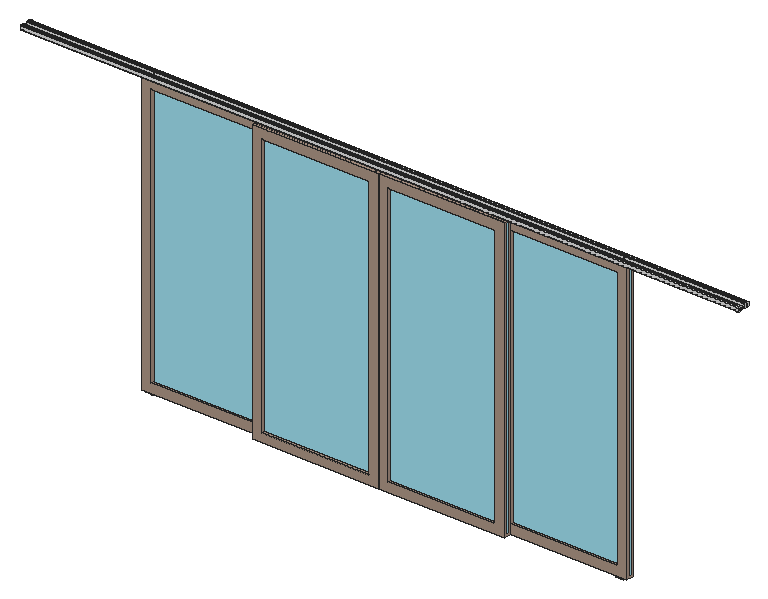
Revit family "Slido 4S Panel Slide SWW4S XRDLP", category Doors, host Wall, Revit 2016
Family settings
  Host = Wall
  Always vertical = Yes
  Cut with Voids When Loaded = No
  Shared = No
  Room Calculation Point = No
Parameters (values of type "157"x 94 3/8"")
  URL = "www.raydoor.com"
  Type Image = SWW4.jpg
  Trim GC [instance] = no
  Thickness = 2 1/4"  # constant formula
  Rough Width = 1"  # constant formula
  Rough Height = 1/2"  # constant formula
  Model = "SWW4S"
  Function = Interior
  Door Material = Door - Panel
  Panel Material = Glass, Cast, Gray
  Height = 94 3/8"
  Trim Projection Ext = 63/64"  # constant formula
  Typ = 3"  # constant formula
  Wall Closure = By host
  Width = 157"
  Assembly Code = "SWW4S XRDLP"
Reference planes (in)
  plane 1: y = 0
  plane 2: z = 0
  plane 3: x = 5.00001
  plane 4: x = -73.49999
  plane 5: x = 83.50001
  plane 6: z = 94.375
  plane 7: y = -5.50858
  plane 8: z = 93.1875
  plane 9: x = 81.00001
  plane 10: x = 82.50001
  plane 11: x = 2.00001
  plane 12: x = 3.50001
  plane 13: x = -35.99999
  plane 14: x = -34.49999
  plane 15: x = -32.99999
  plane 16: x = -72.49999
  plane 17: y = -3.26022
  plane 18: x = -73.99999
  plane 19: x = -70.99999
  plane 20: x = -110.49999
  plane 21: x = -111.99999
  plane 22: x = -108.99999
  plane 23: y = -5.75858
  plane 24: y = -8.00858
  plane 25: x = 44.50001
  plane 26: x = 43.00001
  plane 27: x = 46.00001
  plane 28: x = 84.00001
  plane 29: x = 8.00001
  plane 30: x = 6.50001
  plane 31: x = 119.00001
  plane 32: x = 120.50001
  plane 33: x = 122.00001
  plane 34: z = 92.375
Forms (in)
  Extrusion 1, solid, material "Door - Panel" <- "Door Material"
    sketch origin (-140.00001, -2.99773, 0.25) x (1, 0, 0) y (0, 0, 1)
      loop
        line (66.00002, 92.125) -> (66.00002, 0.39528) -> (107.00002, 0.39528) -> (107.00002, 92.125) -> (66.00002, 92.125)
      loop
        line (69.00002, 89.125) -> (69.00002, 3.39528) -> (104.00002, 3.39528) -> (104.00002, 89.125) -> (69.00002, 89.125)
    from 0.26249 to 2.51085
  Extrusion 2, solid, material "Glass, Cast, Gray" <- "Panel Material"
    sketch origin (-140.00001, -15.26431, 0.25) x (1, 0, 0) y (0, 0, 1)
      loop
        line (66.00002, 92.125) -> (66.00002, 1.27028) -> (107.00002, 1.27028) -> (107.00002, 92.125) -> (66.00002, 92.125)
    from -11.0041 to -10.75574
  Extrusion 3, solid, material "UHMW, White", detail levels medium+fine
    sketch origin (53.77771, -4.9971, 0.25) x (0, 1, 0) y (0, 0, 1)
      loop
        line (1.26596, -0.25) -> (1.26596, -0.0625) -> (0.73689, -0.0625) -> (0.73689, 0.75) -> (0.48853, 0.75) -> (0.48853, -0.0625) -> (-0.01147, -0.0625) -> (-0.01147, -0.25) -> (1.26596, -0.25)
      loop
        line (0.09481, 93.90625) -> (0.09481, 93.10447) -> (1.14169, 93.10447) -> (1.14169, 93.90625) -> (0.09481, 93.90625)
    from -126.77769 to -124.27769
  Extrusion 4, solid, material "Door - Panel" <- "Door Material", visible <- "Trim GC"
    sketch origin (-72.24213, 1.64699, -17.28113) x (1, 0, 0) y (0, 0, 1)
      loop
        line (-39.75786, 108.40613) -> (194.24214, 108.40613) -> (194.24214, 111.65613) -> (-39.75786, 111.65613) -> (-39.75786, 108.40613)
    from 9.64082 to 10.15393
  Extrusion 5, solid, material "UHMW, White"
    sketch origin (0, 37.0452, -9.0893) x (0, 1, 0) y (0, 0, 1)
      loop
        line (-41.23779, 103.37055) -> (-41.23779, 103.28596) -> (-41.17851, 103.28596) -> (-41.17851, 103.37055) -> (-41.00463, 103.37055) -> (-41.00463, 103.24091) -> (-40.87027, 103.22916) -> (-40.87027, 102.36784) -> (-40.90189, 102.24985) -> (-41.11923, 102.23084) -> (-41.11923, 102.15084) -> (-40.92132, 102.15084)
        arc (-40.92132, 102.15084) -> (-40.87943, 102.17182) -> (-40.83754, 102.15084) r 0.0523
        arc (-40.83754, 102.15084) -> (-40.81039, 102.16209) -> (-40.79914, 102.18925) r 0.0384
        line (-40.79914, 102.18925) -> (-40.79914, 103.34523) -> (-40.83866, 103.34523)
        arc (-40.83866, 103.34523) -> (-40.90386, 103.30759) -> (-40.90386, 103.38288) r 0.04347
        line (-40.90386, 103.38288) -> (-40.90386, 103.4643) -> (-41.92737, 103.4643) -> (-41.92737, 103.38288)
        arc (-41.92737, 103.38288) -> (-41.92737, 103.30759) -> (-41.99257, 103.34523) r 0.04347
        line (-41.99257, 103.34523) -> (-42.03209, 103.34523) -> (-42.03209, 102.18925)
        arc (-42.03209, 102.18925) -> (-42.02084, 102.16209) -> (-41.99369, 102.15084) r 0.0384
        arc (-41.99369, 102.15084) -> (-41.9518, 102.17182) -> (-41.90991, 102.15084) r 0.0523
        line (-41.90991, 102.15084) -> (-41.712, 102.15084) -> (-41.712, 102.23084) -> (-41.92934, 102.24985) -> (-41.96096, 102.36784) -> (-41.96096, 103.22916) -> (-41.8266, 103.24091) -> (-41.8266, 103.37055) -> (-41.65272, 103.37055) -> (-41.65272, 103.28596) -> (-41.59344, 103.28596) -> (-41.59344, 103.37055) -> (-41.23779, 103.37055)
    from -111.99999 to 122.00001
  Extrusion 6, void
    sketch origin (-140.00001, -15.26431, -90.75) x (1, 0, 0) y (0, 0, 1)
      loop
        line (107.00002, 92.27028) -> (66.00002, 92.27028) -> (66.00002, 91.39528) -> (107.00002, 91.39528) -> (107.00002, 92.27028)
    from -11.0041 to -10.75574
  Extrusion 7, solid, material "UHMW, White"
    sketch origin (-41.44048, -3.85866, 94.375) x (0, -1, 0) y (1, 0, 0)
      loop
        circle (0.52574, 6.94049) r 0.125
    from -2 to -0.09375
  Extrusion 8, solid, material "Door - Panel" <- "Door Material"
    sketch origin (-99, -5.24836, 0.25) x (1, 0, 0) y (0, 0, 1)
      loop
        line (63.00001, 92.125) -> (63.00001, 0.39528) -> (104.00002, 0.39528) -> (104.00002, 92.125) -> (63.00001, 92.125)
      loop
        line (66.00001, 89.125) -> (66.00001, 3.39528) -> (101.00002, 3.39528) -> (101.00002, 89.125) -> (66.00001, 89.125)
    from 0.51022 to 2.75858
  Extrusion 9, solid, material "Glass, Cast, Gray" <- "Panel Material"
    sketch origin (-99, -17.76267, 0.25) x (1, 0, 0) y (0, 0, 1)
      loop
        line (63.00001, 92.125) -> (63.00001, 1.27028) -> (104.00002, 1.27028) -> (104.00002, 92.125) -> (63.00001, 92.125)
    from -11.0041 to -10.75574
  Extrusion 10, void
    sketch origin (-181.00001, -17.51267, -90.75) x (1, 0, 0) y (0, 0, 1)
      loop
        line (145.00002, 92.27028) -> (145.00002, 91.39528) -> (186.00002, 91.39528) -> (186.00002, 92.27028) -> (145.00002, 92.27028)
    from -10.7541 to -10.50574
  Extrusion 11, solid, material "UHMW, White"
    sketch origin (0, 35.04004, -9.0893) x (0, 1, 0) y (0, 0, 1)
      loop
        line (-41.75114, 103.37055) -> (-41.75114, 103.28596) -> (-41.69187, 103.28596) -> (-41.69187, 103.37055) -> (-41.51799, 103.37055) -> (-41.51799, 103.24091) -> (-41.38363, 103.22916) -> (-41.38363, 102.36784) -> (-41.41525, 102.24985) -> (-41.63259, 102.23084) -> (-41.63259, 102.15084) -> (-41.43468, 102.15084)
        arc (-41.43468, 102.15084) -> (-41.39279, 102.17182) -> (-41.3509, 102.15084) r 0.0523
        arc (-41.3509, 102.15084) -> (-41.32375, 102.16209) -> (-41.3125, 102.18925) r 0.0384
        line (-41.3125, 102.18925) -> (-41.3125, 103.34523) -> (-41.35202, 103.34523)
        arc (-41.35202, 103.34523) -> (-41.41722, 103.30759) -> (-41.41722, 103.38288) r 0.04347
        line (-41.41722, 103.38288) -> (-41.41722, 103.4643) -> (-42.44072, 103.4643) -> (-42.44072, 103.38288)
        arc (-42.44072, 103.38288) -> (-42.44072, 103.30759) -> (-42.50593, 103.34523) r 0.04347
        line (-42.50593, 103.34523) -> (-42.54545, 103.34523) -> (-42.54545, 102.18925)
        arc (-42.54545, 102.18925) -> (-42.5342, 102.16209) -> (-42.50704, 102.15084) r 0.0384
        arc (-42.50704, 102.15084) -> (-42.46516, 102.17182) -> (-42.42327, 102.15084) r 0.0523
        line (-42.42327, 102.15084) -> (-42.22535, 102.15084) -> (-42.22535, 102.23084) -> (-42.4427, 102.24985) -> (-42.47431, 102.36784) -> (-42.47431, 103.22916) -> (-42.33995, 103.24091) -> (-42.33995, 103.37055) -> (-42.16608, 103.37055) -> (-42.16608, 103.28596) -> (-42.1068, 103.28596) -> (-42.1068, 103.37055) -> (-41.75114, 103.37055)
    from -111.99999 to 122.00001
  Extrusion 12, solid, material "UHMW, White"
    sketch origin (-92.86615, -16.68052, 94.375) x (0, -1, 0) y (1, 0, 0)
      loop
        circle (-9.79694, 96.36617) r 0.125
    from -2 to 0
  Extrusion 13, solid, material "Door - Panel" <- "Door Material"
    sketch origin (-57.99999, -7.74219, 0.25) x (1, 0, 0) y (0, 0, 1)
      loop
        line (63.00001, 92.125) -> (63.00001, 0.39528) -> (104.00001, 0.39528) -> (104.00001, 92.125) -> (63.00001, 92.125)
      loop
        line (66.00001, 89.125) -> (66.00001, 3.39528) -> (101.00001, 3.39528) -> (101.00001, 89.125) -> (66.00001, 89.125)
    from -1.98361 to 0.26475
  Extrusion 14, solid, material "Glass, Cast, Gray" <- "Panel Material"
    sketch origin (-57.99999, -17.5065, 0.25) x (1, 0, 0) y (0, 0, 1)
      loop
        line (63.00001, 92.125) -> (63.00001, 1.27028) -> (104.00001, 1.27028) -> (104.00001, 92.125) -> (63.00001, 92.125)
    from -10.7541 to -10.50574
  Extrusion 15, void
    sketch origin (-140, -20.0065, -90.75) x (1, 0, 0) y (0, 0, 1)
      loop
        line (145.00001, 92.27028) -> (145.00001, 91.39528) -> (186.00001, 91.39528) -> (186.00001, 92.27028) -> (145.00001, 92.27028)
    from -13.2541 to -13.00574
  Extrusion 16, solid, material "UHMW, White"
    sketch origin (-92.86615, -18.92888, 94.375) x (0, -1, 0) y (1, 0, 0)
      loop
        circle (-12.03995, 99.36617) r 0.125
    from -2 to 0
  Extrusion 17, solid, material "Door - Panel" <- "Door Material"
    sketch origin (-16.99999, -10.23601, 0.25) x (1, 0, 0) y (0, 0, 1)
      loop
        line (60, 92.125) -> (60, 0.39528) -> (101, 0.39528) -> (101, 92.125) -> (60, 92.125)
      loop
        line (63, 89.125) -> (63, 3.39528) -> (98, 3.39528) -> (98, 89.125) -> (63, 89.125)
    from -6.9758 to -4.72744
  Extrusion 18, solid, material "Glass, Cast, Gray" <- "Panel Material"
    sketch origin (-16.99999, -15.00033, 0.25) x (1, 0, 0) y (0, 0, 1)
      loop
        line (60, 92.125) -> (60, 1.27028) -> (101, 1.27028) -> (101, 92.125) -> (60, 92.125)
    from -10.7541 to -10.50574
  Extrusion 19, void
    sketch origin (-98.99999, -22.50033, -90.75) x (1, 0, 0) y (0, 0, 1)
      loop
        line (142.00001, 92.27028) -> (142.00001, 91.39528) -> (183.00001, 91.39528) -> (183.00001, 92.27028) -> (142.00001, 92.27028)
    from -18.2541 to -18.00574
  Extrusion 20, solid, material "UHMW, White"
    sketch origin (-92.86615, -21.42271, 94.375) x (0, -1, 0) y (1, 0, 0)
      loop
        circle (-17.0523, 137.36617) r 0.125
    from -2 to 0
  Extrusion 21, solid, material "UHMW, White", detail levels medium+fine
    sketch origin (206.77771, -4.9971, 0.25) x (0, 1, 0) y (0, 0, 1)
      loop
        line (1.26596, -0.25) -> (1.26596, -0.0625) -> (0.73689, -0.0625) -> (0.73689, 0.75) -> (0.48853, 0.75) -> (0.48853, -0.0625) -> (-0.01147, -0.0625) -> (-0.01147, -0.25) -> (1.26596, -0.25)
      loop
        line (0.09481, 93.90625) -> (0.09481, 93.10447) -> (1.14169, 93.10447) -> (1.14169, 93.90625) -> (0.09481, 93.90625)
    from -126.77769 to -124.27769
Cuts and joins
  Extrusion 6, Extrusion 10 cuts Extrusion 1
  Extrusion 10 cuts Extrusion 2
  Extrusion 10, Extrusion 15 cuts Extrusion 8
  Extrusion 10, Extrusion 15 cuts Extrusion 9
  Extrusion 15, Extrusion 19 cuts Extrusion 13
  Extrusion 15, Extrusion 19 cuts Extrusion 14
  Extrusion 19 cuts Extrusion 17
  Extrusion 19 cuts Extrusion 18
Lines and regions (in)
  Opening 1
    outline origin (-60, -2.99773, 144) x (0, 0, -1) y (1, 0, 0)
      loop
        line (49.625, -13.49999) -> (144, -13.49999) -> (144, 143.50001) -> (49.625, 143.50001) -> (49.625, -13.49999)
  Masking region 1
    outline origin (-7.24693, 27.04592, 0) x (1, 0, 0) y (0, 1, 0)
      loop
        line (-63.75305, -35.0545) -> (-63.75305, -32.8045) -> (-104.75305, -32.8045) -> (-104.75305, -35.0545) -> (-63.75305, -35.0545)
  Masking region 2
    outline origin (-7.24693, 29.28975, 0) x (1, 0, 0) y (0, 1, 0)
      loop
        line (-63.75305, -34.79833) -> (-63.75305, -32.54997) -> (-104.75305, -32.54997) -> (-104.75305, -34.79833) -> (-63.75305, -34.79833)
  Masking region 3
    outline origin (187.00309, 19.73179, 0) x (1, 0, 0) y (0, 1, 0)
      loop
        line (-65.00308, -25.24037) -> (-65.00308, -22.99201) -> (-106.00308, -22.99201) -> (-106.00308, -25.24037) -> (-65.00308, -25.24037)
  Masking region 4
    outline origin (212.00307, 13.05724, 0) x (1, 0, 0) y (0, 1, 0)
      loop
        line (-90.00305, -21.06582) -> (-90.00305, -18.81582) -> (-131.00305, -18.81582) -> (-131.00305, -21.06582) -> (-90.00305, -21.06582)
  symbolic lines, style "Elevation Swing"
    curve 1: line (26.75002, 0, 37.98833) -> (62.75002, 0, 37.98833)
    curve 2: line (62.50001, 0, 32.79755) -> (26.50001, 0, 32.79755)
    curve 3: line (26.75002, 0, 37.98833) -> (31.94618, 0, 40.98833)
    curve 4: line (57.30386, 0, 29.79755) -> (62.50001, 0, 32.79755)
    curve 14: line (-52.24998, 0, 37.98833) -> (-16.24998, 0, 37.98833)
    curve 15: line (-16.49999, 0, 32.79755) -> (-52.49999, 0, 32.79755)
    curve 16: line (-52.24998, 0, 37.98833) -> (-47.05382, 0, 40.98833)
    curve 17: line (-21.69614, 0, 29.79755) -> (-16.49999, 0, 32.79755)
  symbolic lines, style "Plan Swing"
    curve 5: line (-4.62499, -14.8116, 0) -> (-21.37498, -14.8116, 0)
    curve 6: line (-21.37498, -14.8116, 0) -> (-19.25366, -12.69028, 0)
    curve 7: line (-4.62499, -16.33058, 0) -> (-21.37498, -16.33058, 0)
    curve 8: line (-6.74631, -18.4519, 0) -> (-4.62499, -16.33058, 0)
    curve 10: line (14.62501, -14.8116, 0) -> (34.37501, -14.8116, 0)
    curve 11: line (34.37501, -14.8116, 0) -> (32.25369, -12.69028, 0)
    curve 12: line (14.62501, -16.33058, 0) -> (34.37501, -16.33058, 0)
    curve 13: line (16.74633, -18.4519, 0) -> (14.62501, -16.33058, 0)
  model lines
    curve 9: line (-73.49999, 3.00227, 0) -> (83.50001, 3.00227, 0)
Dimensions and locks (in)
  equal spacing: plane 4, plane 3, plane 5
  "Width": plane 4 to plane 5
  "Height": plane 6 to plane 2
  locked: host wall to plane 17 at 0.25757
  locked: plane 6 to plane 8 at 1.1875
  plane 6 to Extrusion 1 = 2"
  "Typ": Extrusion 1 sketch curve to Extrusion 1 sketch curve  (x2)
  locked: Extrusion 2 to plane 7 at 1
  locked: Extrusion 2 to Extrusion 2 at 0.24836
  locked: Extrusion 1 to Extrusion 2 at 1
  Extrusion 1 to plane 4 = 1/2"
  plane 6 to Extrusion 4 = 3 1/4"
  locked: Extrusion 4 to plane 7 at 2.99836
  Extrusion 1 to Extrusion 1 = 2.24836"
  locked: Extrusion 3 to Extrusion 3 at 2.5
  Extrusion 3 sketch curve to Extrusion 3 sketch curve = 3/16"
  locked: Extrusion 2 sketch curve to Extrusion 1 at 0.875
  locked: Extrusion 6 to Extrusion 6 at 0.24836
  equal spacing: plane 11, plane 12, plane 3
  "Typ": plane 11 to plane 3
  equal spacing: plane 13, plane 14, plane 15, locked at 1.5 each
  "Typ": plane 13 to plane 15
  "Typ": Extrusion 8 sketch curve to Extrusion 8 sketch curve  (x2)
  locked: Extrusion 9 to Extrusion 9 at 0.24836
  locked: Extrusion 8 to Extrusion 9 at 1
  locked: Extrusion 9 sketch curve to Extrusion 8 at 0.875
  locked: Extrusion 10 to Extrusion 10 at 0.24836
  "Thickness": plane 23 to plane 24
  locked: Extrusion 7 sketch curve to plane 15 at 1.375
  locked: Extrusion 12 sketch curve to plane 24 at 1.25
  locked: plane 11 to Extrusion 12 sketch curve at 1.625
  locked: Extrusion 7 sketch curve to plane 7 at 0.99918
  "Thickness": plane 17 to plane 7
  "Typ": plane 18 to plane 19
  equal spacing: plane 18, plane 16, plane 19, locked at 1.5 each
  "Typ": plane 21 to plane 22
  equal spacing: plane 21, plane 20, plane 22, locked at 1.5 each
  "Typ": Extrusion 13 sketch curve to Extrusion 13 sketch curve  (x2)
  locked: Extrusion 14 to Extrusion 14 at 0.24836
  Extrusion 13 to Extrusion 14 = 0.99383"
  locked: Extrusion 14 sketch curve to Extrusion 13 at 0.875
  locked: Extrusion 15 to Extrusion 15 at 0.24836
  locked: plane 24 to Extrusion 16 sketch curve at 1.24465
  locked: plane 7 to plane 23 at 0.25
  locked: Extrusion 3 sketch curve to Extrusion 3 sketch curve at 0.52908
  locked: Extrusion 3 sketch curve to Extrusion 3 sketch curve at 0.5
  equal spacing: plane 26, plane 25, plane 27
  "Typ": plane 26 to plane 27
  "Typ": Extrusion 17 sketch curve to Extrusion 17 sketch curve  (x2)
  locked: Extrusion 18 to Extrusion 18 at 0.24836
  Extrusion 17 to Extrusion 18 = 0.98601"
  locked: Extrusion 18 sketch curve to Extrusion 17 at 0.875
  locked: Extrusion 19 to Extrusion 19 at 0.24836
  locked: Extrusion 16 sketch curve to plane 29 at 1.375
  locked: Extrusion 20 sketch curve to plane 7 at 1.13817
  locked: Extrusion 20 sketch curve to plane 27 at 1.375
  equal spacing: plane 29, plane 30, plane 3
  "Typ": plane 29 to plane 3
  equal spacing: plane 9, plane 10, plane 28
  "Typ": plane 9 to plane 28
  locked: plane 24 to cut or joined group of Extrusion 14, Extrusion 15, Extrusion 19 at 1.00617
  locked: cut or joined group of Extrusion 14, Extrusion 15, Extrusion 19 to plane 23 at 0.99383
  locked: cut or joined group of Extrusion 14, Extrusion 15, Extrusion 19 to cut or joined group of Extrusion 14, Extrusion 15, Extrusion 19 at 0.24836
  locked: plane 7 to cut or joined group of Extrusion 18, Extrusion 19 at 1.01399
  locked: cut or joined group of Extrusion 18, Extrusion 19 to plane 17 at 0.98601
  locked: cut or joined group of Extrusion 18, Extrusion 19 to cut or joined group of Extrusion 18, Extrusion 19 at 0.24836
  equal spacing: plane 31, plane 32, plane 33
  "Typ": plane 31 to plane 33
  locked: cut or joined group of Extrusion 13, Extrusion 15, Extrusion 19 to cut or joined group of Extrusion 13, Extrusion 15, Extrusion 19 at 2.24836
  locked: cut or joined group of Extrusion 17, Extrusion 19 to cut or joined group of Extrusion 17, Extrusion 19 at 2.24836
  locked: plane 18 to Extrusion 3 at 1
  locked: Extrusion 21 to Extrusion 21 at 2.5
  Extrusion 21 sketch curve to Extrusion 21 sketch curve = 3/16"
  locked: Extrusion 21 sketch curve to Extrusion 21 sketch curve at 0.52908
  locked: Extrusion 21 sketch curve to Extrusion 21 sketch curve at 0.5
  locked: Extrusion 21 to plane 5 at 1
  equal spacing: plane 20, plane 16, plane 14, plane 12
  equal spacing: plane 30, plane 25, plane 10, plane 32
  "Rough Height": plane 18 to plane 4
  "Rough Height": plane 5 to plane 28
  cut or joined group of Extrusion 8, Extrusion 10, Extrusion 15 to level = 0.64528"
  plane 34 to plane 6 = 2"
  host wall to plane 17 = 0.26249"
  plane 23 to plane 24 = 2 1/4"
  plane 7 to plane 23 = 1/4"
  cut or joined group of Extrusion 1, Extrusion 6, Extrusion 10 to cut or joined group of Extrusion 8, Extrusion 10, Extrusion 15 = 4.74672"
  Extrusion 11 to plane 6 = 1.31346"
  diameter of Extrusion 7 sketch curve = 1/4"
  diameter of Extrusion 12 sketch curve = 1/4"
  diameter of Extrusion 16 sketch curve = 1/4"
  diameter of Extrusion 20 sketch curve = 1/4"
  aligned and locked: Extrusion 1 to Extrusion 2
  aligned and locked: plane 5 to curve 9
  aligned and locked: Extrusion 4 to plane 6
  aligned and locked: Extrusion 1 to plane 7
  aligned and locked: Opening 1 sketch curve to plane 5
  aligned and locked: Opening 1 sketch curve to plane 4
  aligned and locked: Extrusion 3 sketch curve to Extrusion 3 sketch curve
  aligned and locked: Extrusion 1 to Extrusion 6  (x2)
  aligned and locked: Extrusion 7 to Extrusion 5
  aligned and locked: cut or joined group of Extrusion 1, Extrusion 6, Extrusion 10 to Extrusion 2
  aligned and locked: Extrusion 2 to cut or joined group of Extrusion 1, Extrusion 6, Extrusion 10
  aligned and locked: Extrusion 8 to Extrusion 9
  aligned and locked: Extrusion 8 to Extrusion 10
  aligned and locked: plane 13 to Extrusion 8
  aligned and locked: plane 13 to Extrusion 9
  aligned and locked: cut or joined group of Extrusion 8, Extrusion 10, Extrusion 15 to plane 15
  aligned and locked: cut or joined group of Extrusion 1, Extrusion 6, Extrusion 10 to Masking region 2
  aligned and locked: Masking region 2 to plane 7
  aligned and locked: Extrusion 12 to plane 6
  aligned and locked: plane 17 to cut or joined group of Extrusion 1, Extrusion 6, Extrusion 10
  aligned and locked: plane 21 to Masking region 2
  aligned and locked: Masking region 2 to plane 19
  aligned and locked: plane 21 to Masking region 1
  aligned and locked: Masking region 1 to plane 19
  aligned and locked: plane 18 to cut or joined group of Extrusion 2, Extrusion 10
  aligned and locked: plane 18 to cut or joined group of Extrusion 1, Extrusion 6, Extrusion 10
  aligned and locked: cut or joined group of Extrusion 1, Extrusion 6, Extrusion 10 to plane 19
  aligned and locked: plane 13 to cut or joined group of Extrusion 1, Extrusion 6, Extrusion 10
  aligned and locked: cut or joined group of Extrusion 1, Extrusion 6, Extrusion 10 to plane 15
  aligned and locked: cut or joined group of Extrusion 2, Extrusion 10 to plane 15
  aligned and locked: plane 18 to Extrusion 6
  aligned and locked: Extrusion 13 to Extrusion 14
  aligned and locked: Extrusion 13 to Extrusion 15
  aligned and locked: Extrusion 16 to plane 6
  aligned and locked: Extrusion 15 to cut or joined group of Extrusion 14, Extrusion 15, Extrusion 19
  aligned and locked: plane 21 to Extrusion 4
  aligned and locked: plane 21 to Extrusion 11
  aligned and locked: plane 21 to Extrusion 5
  aligned and locked: plane 23 to Extrusion 8
  aligned and locked: plane 23 to Masking region 1
  aligned and locked: cut or joined group of Extrusion 8, Extrusion 10, Extrusion 15 to plane 24
  aligned and locked: Masking region 1 to plane 24
  aligned and locked: cut or joined group of Extrusion 8, Extrusion 10, Extrusion 15 to cut or joined group of Extrusion 9, Extrusion 10, Extrusion 15
  aligned and locked: cut or joined group of Extrusion 1, Extrusion 6, Extrusion 10 to Extrusion 3
  aligned and locked: Extrusion 3 to cut or joined group of Extrusion 1, Extrusion 6, Extrusion 10
  aligned and locked: plane 26 to cut or joined group of Extrusion 13, Extrusion 15, Extrusion 19
  aligned and locked: cut or joined group of Extrusion 13, Extrusion 15, Extrusion 19 to plane 27
  aligned and locked: cut or joined group of Extrusion 14, Extrusion 15, Extrusion 19 to plane 27
  aligned and locked: cut or joined group of Extrusion 13, Extrusion 15, Extrusion 19 to Extrusion 15
  aligned and locked: Extrusion 17 to Extrusion 18
  aligned and locked: Extrusion 17 to Extrusion 19
  aligned and locked: plane 26 to cut or joined group of Extrusion 17, Extrusion 19
  aligned and locked: plane 26 to cut or joined group of Extrusion 18, Extrusion 19
  aligned and locked: plane 29 to Extrusion 13
  aligned and locked: Extrusion 13 to plane 3
  aligned and locked: Extrusion 14 to plane 3
  aligned and locked: Extrusion 15 to plane 3
  aligned and locked: plane 23 to cut or joined group of Extrusion 13, Extrusion 15, Extrusion 19
  aligned and locked: cut or joined group of Extrusion 13, Extrusion 15, Extrusion 19 to plane 24
  aligned and locked: cut or joined group of Extrusion 17, Extrusion 19 to plane 17
  aligned and locked: plane 28 to cut or joined group of Extrusion 18, Extrusion 19
  aligned and locked: plane 28 to cut or joined group of Extrusion 17, Extrusion 19
  aligned and locked: plane 9 to cut or joined group of Extrusion 17, Extrusion 19
  aligned and locked: Extrusion 19 to cut or joined group of Extrusion 18, Extrusion 19
  aligned and locked: cut or joined group of Extrusion 17, Extrusion 19 to Extrusion 19
  aligned and locked: Masking region 3 to plane 17
  aligned and locked: Masking region 3 to plane 7
  aligned and locked: plane 9 to Masking region 3
  aligned and locked: plane 33 to Masking region 3
  aligned and locked: Masking region 4 to plane 23
  aligned and locked: Masking region 4 to plane 24
  aligned and locked: plane 9 to Masking region 4
  aligned and locked: plane 33 to Masking region 4
  aligned and locked: plane 33 to Extrusion 5
  aligned and locked: plane 33 to Extrusion 11
  aligned and locked: plane 33 to Extrusion 4
  aligned and locked: Extrusion 21 sketch curve to Extrusion 21 sketch curve
  aligned and locked: cut or joined group of Extrusion 8, Extrusion 10, Extrusion 15 to plane 34
  aligned and locked: cut or joined group of Extrusion 1, Extrusion 6, Extrusion 10 to plane 34
  aligned and locked: plane 34 to cut or joined group of Extrusion 8, Extrusion 10, Extrusion 15
  aligned and locked: plane 34 to cut or joined group of Extrusion 1, Extrusion 6, Extrusion 10
  aligned and locked: plane 34 to Extrusion 12
  aligned and locked: plane 34 to Extrusion 16
  aligned and locked: plane 34 to Extrusion 7
  aligned and locked: plane 34 to Extrusion 20
Automatic sketch dimensions
  plane 13 to curve 16 = 16 1/4"
  level to curve 16 = 37.98833"
  plane 26 to curve 3 = 16 1/4"
  level to curve 3 = 37.98833"
  curve 14 to curve 17 = 5.19077"
  curve 1 to curve 2 = 5.19077"
  curve 15 to plane 15 = 16 1/2"
  curve 4 to plane 27 = 16 1/2"
  plane 26 to curve 3 = 11.05384"
  curve 3 to curve 1 = 3"
  plane 13 to curve 16 = 11.05384"
  curve 16 to curve 14 = 3"
  curve 17 to plane 15 = 11.30385"
  curve 15 to curve 17 = 3"
  curve 4 to plane 27 = 11.30385"
  curve 2 to curve 4 = 3"
  curve 15 to curve 14 = 1/4"  (x2)
  curve 2 to curve 1 = 1/4"  (x2)
  Opening 1 sketch curve to plane 6 = 0"
  Opening 1 sketch curve to level = 0"
  plane 18 to Extrusion 1 sketch curve = 0"
  plane 19 to Extrusion 1 sketch curve = 0"
  plane 13 to Extrusion 1 sketch curve = 0"
  plane 15 to Extrusion 1 sketch curve = 0"
  Extrusion 1 sketch curve to plane 34 = 0"
  level to Extrusion 1 sketch curve = 3.64528"
  curve 5 to plane 15 = 11 5/8"
  plane 11 to curve 7 = 6 5/8"
  plane 29 to curve 12 = 6 5/8"
  plane 26 to curve 10 = 8 5/8"
  curve 8 to plane 24 = 8.322"
  curve 13 to plane 24 = 8.322"
  curve 12 to curve 10 = 1.51898"
  curve 7 to curve 5 = 1.51898"
  curve 7 to curve 5 = 0"
  curve 6 to plane 24 = 4.6817"
  curve 5 to curve 6 = 2.12132"
  curve 8 to curve 7 = 2.12132"  (x2)
  curve 5 to curve 7 = 0"
  curve 10 to curve 12 = 0"
  curve 12 to curve 13 = 2.12132"
  curve 11 to plane 24 = 4.6817"
  curve 11 to curve 10 = 2.12132"
  curve 12 to curve 10 = 0"
  curve 13 to curve 12 = 2.12132"
  plane 18 to Extrusion 2 sketch curve = 0"
  plane 15 to Extrusion 2 sketch curve = 0"
  Extrusion 2 sketch curve to plane 34 = 0"
  Extrusion 3 sketch curve to level = 0"
  plane 7 to Extrusion 3 sketch curve = 1/2"
  Extrusion 3 sketch curve to plane 8 = 0.16697"
  plane 7 to Extrusion 3 sketch curve = 0.60629"
  Extrusion 3 sketch curve to Extrusion 3 sketch curve = 0.24836"
  plane 6 to Extrusion 3 sketch curve = 7/32"
  Extrusion 3 sketch curve to plane 17 = 0.5952"
  Extrusion 3 sketch curve to Extrusion 3 sketch curve = 13/16"
  curve 9 to level = 0"
  plane 4 to curve 9 = 0"
  Masking region 1 sketch curve to plane 21 = 0"
  Masking region 1 sketch curve to plane 19 = 0"
  Masking region 1 sketch curve to plane 24 = 0"
  Masking region 1 sketch curve to plane 23 = 0"
  Extrusion 4 sketch curve to plane 6 = 0"
  plane 21 to Extrusion 4 sketch curve = 0"
  Extrusion 4 sketch curve to plane 33 = 0"
  plane 34 to Extrusion 4 sketch curve = 1 1/4"
  plane 6 to Extrusion 5 sketch curve = 0"
  plane 6 to Extrusion 5 sketch curve = 0.11907"  (x2)
  plane 7 to Extrusion 5 sketch curve = 0.52169"
  Extrusion 5 sketch curve to Extrusion 5 sketch curve = 0.0384"  (x2)
  Extrusion 5 sketch curve to Extrusion 5 sketch curve = 0.03952"
  Extrusion 5 sketch curve to plane 8 = 0.09104"  (x2)
  Extrusion 5 sketch curve to Extrusion 5 sketch curve = 0.03273"
  Extrusion 5 sketch curve to Extrusion 5 sketch curve = 0.04189"  (x4)
  Extrusion 5 sketch curve to Extrusion 5 sketch curve = 0.04347"  (x2)
  plane 8 to Extrusion 5 sketch curve = 0.02695"  (x2)
  Extrusion 5 sketch curve to Extrusion 5 sketch curve = 0.06434"
  Extrusion 5 sketch curve to Extrusion 5 sketch curve = 0.02173"  (x2)
  Extrusion 5 sketch curve to Extrusion 5 sketch curve = 0.13436"
  plane 8 to Extrusion 5 sketch curve = 0.04596"  (x2)
  Extrusion 5 sketch curve to Extrusion 5 sketch curve = 0.19792"  (x2)
  Extrusion 5 sketch curve to Extrusion 5 sketch curve = 0.17388"  (x2)
  Extrusion 5 sketch curve to Extrusion 5 sketch curve = 0.05928"  (x2)
  plane 6 to Extrusion 5 sketch curve = 3/32"  (x2)
  Extrusion 5 sketch curve to Extrusion 5 sketch curve = 0.35566"
  plane 8 to Extrusion 5 sketch curve = 0.12596"
  Extrusion 5 sketch curve to Extrusion 5 sketch curve = 0.59276"
  plane 6 to Extrusion 5 sketch curve = 0.22339"
  Extrusion 5 sketch curve to Extrusion 5 sketch curve = 0.10077"
  Extrusion 5 sketch curve to Extrusion 5 sketch curve = 0.01943"
  Extrusion 5 sketch curve to Extrusion 5 sketch curve = 0.03161"
  Extrusion 5 sketch curve to Extrusion 5 sketch curve = 0.03133"
  Extrusion 5 sketch curve to Extrusion 5 sketch curve = 0.13034"
  Extrusion 5 sketch curve to Extrusion 5 sketch curve = 0.08"
  Extrusion 5 sketch curve to Extrusion 5 sketch curve = 0.11608"
  Extrusion 5 sketch curve to Extrusion 5 sketch curve = 0.01175"  (x2)
  Extrusion 5 sketch curve to Extrusion 5 sketch curve = 0.0846"  (x2)
  Extrusion 5 sketch curve to Extrusion 5 sketch curve = 0"
  plane 18 to Extrusion 6 sketch curve = 0"
  plane 15 to Extrusion 6 sketch curve = 0"
  level to Extrusion 6 sketch curve = 0.64528"
  Extrusion 6 sketch curve to Extrusion 6 sketch curve = 7/8"
  plane 13 to Extrusion 8 sketch curve = 0"
  plane 15 to Extrusion 8 sketch curve = 0"
  Extrusion 8 sketch curve to plane 34 = 0"
  Extrusion 8 sketch curve to plane 11 = 0"
  plane 3 to Extrusion 8 sketch curve = 0"
  level to Extrusion 8 sketch curve = 3.64528"
  plane 13 to Extrusion 9 sketch curve = 0"
  Extrusion 9 sketch curve to plane 34 = 0"
  plane 3 to Extrusion 9 sketch curve = 0"
  plane 13 to Extrusion 10 sketch curve = 0"
  Extrusion 10 sketch curve to plane 3 = 0"
  level to Extrusion 10 sketch curve = 0.64528"
  Extrusion 10 sketch curve to Extrusion 10 sketch curve = 7/8"
  Masking region 2 sketch curve to plane 7 = 0"
  Masking region 2 sketch curve to plane 21 = 0"
  Masking region 2 sketch curve to plane 17 = 0"
  Masking region 2 sketch curve to plane 19 = 0"
  plane 6 to Extrusion 11 sketch curve = 0"
  plane 24 to Extrusion 11 sketch curve = 0.50317"
  Extrusion 11 sketch curve to Extrusion 11 sketch curve = 0.0384"
  Extrusion 11 sketch curve to Extrusion 11 sketch curve = 0.03952"  (x2)
  Extrusion 11 sketch curve to Extrusion 11 sketch curve = 0.03273"
  Extrusion 11 sketch curve to Extrusion 11 sketch curve = 0.04189"  (x4)
  Extrusion 11 sketch curve to Extrusion 11 sketch curve = 0.04347"  (x2)
  Extrusion 11 sketch curve to Extrusion 11 sketch curve = 0.06434"
  Extrusion 11 sketch curve to Extrusion 11 sketch curve = 0.02173"  (x2)
  Extrusion 11 sketch curve to Extrusion 11 sketch curve = 0.13436"
  Extrusion 11 sketch curve to Extrusion 11 sketch curve = 0.19792"  (x2)
  Extrusion 11 sketch curve to Extrusion 11 sketch curve = 0.17388"  (x2)
  Extrusion 11 sketch curve to Extrusion 11 sketch curve = 0.05928"  (x2)
  Extrusion 11 sketch curve to Extrusion 11 sketch curve = 0.35566"
  Extrusion 11 sketch curve to Extrusion 11 sketch curve = 0.59276"
  Extrusion 11 sketch curve to Extrusion 11 sketch curve = 0.10077"
  Extrusion 11 sketch curve to Extrusion 11 sketch curve = 0.01943"
  Extrusion 11 sketch curve to Extrusion 11 sketch curve = 0.03161"
  Extrusion 11 sketch curve to Extrusion 11 sketch curve = 0.10432"
  Extrusion 11 sketch curve to Extrusion 11 sketch curve = 0.04504"
  Extrusion 11 sketch curve to Extrusion 11 sketch curve = 0.11608"
  Extrusion 11 sketch curve to Extrusion 11 sketch curve = 0.01175"
  Extrusion 11 sketch curve to Extrusion 11 sketch curve = 0.86132"
  Extrusion 11 sketch curve to Extrusion 11 sketch curve = 0.11799"  (x2)
  Extrusion 11 sketch curve to Extrusion 11 sketch curve = 0.01902"  (x2)
  Extrusion 11 sketch curve to Extrusion 11 sketch curve = 0.06061"  (x2)
  Extrusion 11 sketch curve to Extrusion 11 sketch curve = 0.03133"  (x2)
  Extrusion 11 sketch curve to Extrusion 11 sketch curve = 0.0846"  (x2)
  plane 6 to Extrusion 11 sketch curve = 3/32"
  Extrusion 11 sketch curve to Extrusion 11 sketch curve = 0"  (x2)
  Extrusion 11 sketch curve to Extrusion 11 sketch curve = 0.08143"  (x2)
  Masking region 3 sketch curve to plane 7 = 0"
  Masking region 3 sketch curve to plane 9 = 0"
  plane 17 to Masking region 3 sketch curve = 0"
  Masking region 3 sketch curve to plane 33 = 0"
  Extrusion 13 sketch curve to plane 3 = 0"
  Extrusion 13 sketch curve to plane 29 = 0"
  plane 26 to Extrusion 13 sketch curve = 0"
  plane 27 to Extrusion 13 sketch curve = 0"
  Extrusion 13 sketch curve to plane 34 = 0"
  level to Extrusion 13 sketch curve = 3.64528"
  Extrusion 14 sketch curve to plane 3 = 0"
  plane 27 to Extrusion 14 sketch curve = 0"
  Extrusion 14 sketch curve to plane 34 = 0"
  Extrusion 15 sketch curve to plane 3 = 0"
  plane 27 to Extrusion 15 sketch curve = 0"
  level to Extrusion 15 sketch curve = 0.64528"
  Extrusion 15 sketch curve to Extrusion 15 sketch curve = 7/8"
  plane 26 to Extrusion 17 sketch curve = 0"
  plane 27 to Extrusion 17 sketch curve = 0"
  plane 9 to Extrusion 17 sketch curve = 0"
  Extrusion 17 sketch curve to plane 28 = 0"
  Extrusion 17 sketch curve to plane 34 = 0"
  level to Extrusion 17 sketch curve = 3.64528"
  plane 26 to Extrusion 18 sketch curve = 0"
  Extrusion 18 sketch curve to plane 28 = 0"
  Extrusion 18 sketch curve to plane 34 = 0"
  plane 26 to Extrusion 19 sketch curve = 0"
  Extrusion 19 sketch curve to plane 28 = 0"
  level to Extrusion 19 sketch curve = 0.64528"
  Extrusion 19 sketch curve to Extrusion 19 sketch curve = 7/8"
  Masking region 4 sketch curve to plane 9 = 0"
  plane 23 to Masking region 4 sketch curve = 0"
  Masking region 4 sketch curve to plane 33 = 0"
  Masking region 4 sketch curve to plane 24 = 0"
  Extrusion 21 sketch curve to level = 0"
  plane 7 to Extrusion 21 sketch curve = 1/2"
  Extrusion 21 sketch curve to plane 8 = 0.16697"
  plane 7 to Extrusion 21 sketch curve = 0.60629"
  Extrusion 21 sketch curve to Extrusion 21 sketch curve = 0.24836"
  plane 6 to Extrusion 21 sketch curve = 7/32"
  Extrusion 21 sketch curve to plane 17 = 0.5952"
  Extrusion 21 sketch curve to Extrusion 21 sketch curve = 13/16"
  plane 8 to Extrusion 11 sketch curve = 0.15728"
